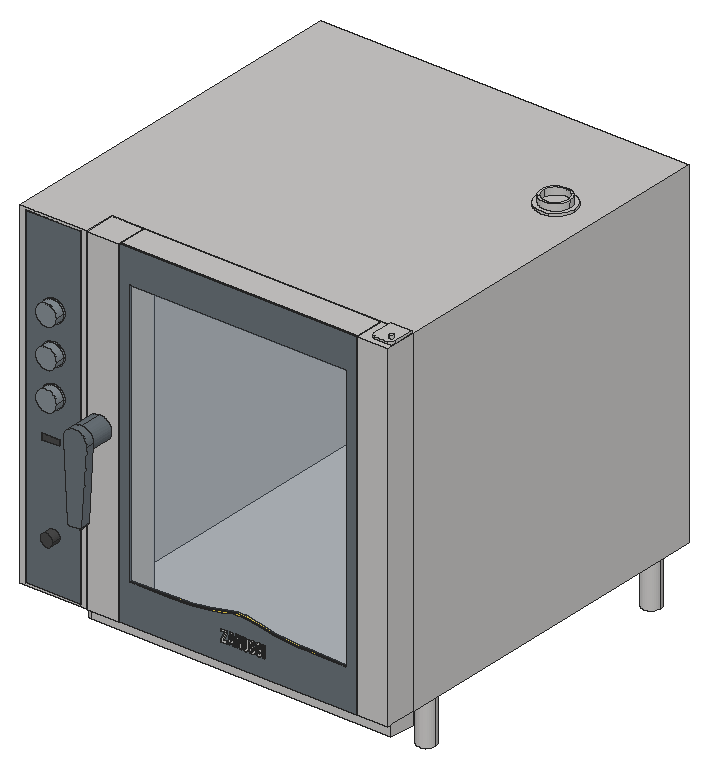
Revit family "QF_ZANUSSI_240485_ZFCE11CSES", category Specialty Equipment, Revit 2023 (continued)
Definition of nested family "ZAN_DOOR_CROSSWISE_H820"
  Automatic sketch dimensions
    plane 9 to Extrusion 14 sketch curve = 57.166 mm
    plane 16 to Extrusion 14 sketch curve = 93.896 mm
    Extrusion 14 sketch curve to Extrusion 14 sketch curve = 0.343 mm
    Extrusion 14 sketch curve to Extrusion 14 sketch curve = 0.346 mm
    Extrusion 14 sketch curve to Extrusion 14 sketch curve = 1.209 mm
    Extrusion 14 sketch curve to Extrusion 14 sketch curve = 5.816 mm  (x2)
    Extrusion 14 sketch curve to Extrusion 14 sketch curve = 5.779 mm
    Extrusion 14 sketch curve to Extrusion 14 sketch curve = 5.783 mm
    Extrusion 15 sketch curve to Extrusion 15 sketch curve = 0 mm  (x13)
    Extrusion 15 sketch curve to plane 9 = 0 mm
    plane 13 to Extrusion 15 sketch curve = 0 mm
    Extrusion 15 sketch curve to plane 4 "Top" = 59.547 mm  (x2)
    plane 8 to Extrusion 15 sketch curve = 0.808 mm  (x2)
    plane 17 to Extrusion 15 sketch curve = 113.011 mm  (x2)
    Extrusion 15 sketch curve to Extrusion 15 sketch curve = 0.173 mm  (x2)
    Extrusion 15 sketch curve to Extrusion 15 sketch curve = 19.857 mm  (x2)
    Extrusion 15 sketch curve to Extrusion 15 sketch curve = 19.97 mm  (x2)
    plane 16 to Extrusion 15 sketch curve = 75.313 mm  (x2)
    Extrusion 15 sketch curve to Extrusion 15 sketch curve = 0.426 mm  (x2)
    Extrusion 15 sketch curve to Extrusion 15 sketch curve = 2.497 mm  (x2)
    Extrusion 15 sketch curve to Extrusion 15 sketch curve = 2.422 mm  (x2)
    plane 16 to Extrusion 15 sketch curve = 72.277 mm  (x2)
    plane 5 "Feet" to Extrusion 15 sketch curve = 14.106 mm
    Extrusion 15 sketch curve to Extrusion 15 sketch curve = 14.485 mm
    Extrusion 15 sketch curve to Extrusion 15 sketch curve = 15.571 mm
    Extrusion 15 sketch curve to level = 90.354 mm
    plane 13 to Extrusion 15 sketch curve = 172.943 mm
    Extrusion 15 sketch curve to Extrusion 15 sketch curve = 250.632 mm
    plane 13 to Extrusion 15 sketch curve = 38.728 mm
    plane 13 to Extrusion 15 sketch curve = 66.611 mm
    Extrusion 15 sketch curve to Extrusion 15 sketch curve = 79.596 mm
    Extrusion 15 sketch curve to Extrusion 15 sketch curve = 14.39 mm
    Extrusion 15 sketch curve to Extrusion 15 sketch curve = 0.048 mm  (x2)
    plane 13 to Extrusion 15 sketch curve = 105.804 mm
    Extrusion 15 sketch curve to Extrusion 15 sketch curve = 1.078 mm  (x2)
    Extrusion 15 sketch curve to Extrusion 15 sketch curve = 1.817 mm
    Extrusion 15 sketch curve to Extrusion 15 sketch curve = 0.955 mm  (x2)
    Extrusion 15 sketch curve to Extrusion 15 sketch curve = 20.088 mm
    Extrusion 15 sketch curve to Extrusion 15 sketch curve = 0.061 mm  (x2)
    plane 13 to Extrusion 15 sketch curve = 221.698 mm
    Extrusion 15 sketch curve to Extrusion 15 sketch curve = 28.998 mm
    Extrusion 15 sketch curve to Extrusion 15 sketch curve = 2.06 mm
    Extrusion 15 sketch curve to Extrusion 15 sketch curve = 0.191 mm
    Extrusion 15 sketch curve to Extrusion 15 sketch curve = 0.669 mm
    Extrusion 15 sketch curve to Extrusion 15 sketch curve = 1.051 mm
    Extrusion 15 sketch curve to Extrusion 15 sketch curve = 5.17 mm
    Extrusion 15 sketch curve to Extrusion 15 sketch curve = 63.165 mm
    Extrusion 15 sketch curve to Extrusion 15 sketch curve = 160.676 mm
    plane 9 to Extrusion 15 sketch curve = 132.574 mm
    plane 9 to Extrusion 15 sketch curve = 126.275 mm
    Extrusion 15 sketch curve to Extrusion 15 sketch curve = 0.216 mm
    Extrusion 15 sketch curve to Extrusion 15 sketch curve = 20.101 mm
    Extrusion 15 sketch curve to Extrusion 15 sketch curve = 14.439 mm
    plane 9 to Extrusion 15 sketch curve = 85.049 mm
    plane 9 to Extrusion 15 sketch curve = 57.166 mm
    plane 16 to Extrusion 15 sketch curve = 93.896 mm
    Extrusion 15 sketch curve to Extrusion 15 sketch curve = 0.343 mm
    Extrusion 15 sketch curve to Extrusion 15 sketch curve = 0.346 mm
    Extrusion 15 sketch curve to Extrusion 15 sketch curve = 1.209 mm
    Extrusion 15 sketch curve to Extrusion 15 sketch curve = 2.747 mm
    Extrusion 15 sketch curve to Extrusion 15 sketch curve = 2.745 mm  (x2)
    Extrusion 15 sketch curve to Extrusion 15 sketch curve = 2.666 mm
    Extrusion 15 sketch curve to Extrusion 15 sketch curve = 2.667 mm
    Extrusion 15 sketch curve to Extrusion 15 sketch curve = 5.816 mm  (x2)
    Extrusion 15 sketch curve to Extrusion 15 sketch curve = 2.231 mm
    Extrusion 15 sketch curve to Extrusion 15 sketch curve = 5.779 mm
    Extrusion 15 sketch curve to Extrusion 15 sketch curve = 5.783 mm
    Extrusion 15 sketch curve to Extrusion 15 sketch curve = 2.602 mm
    Extrusion 15 sketch curve to Extrusion 15 sketch curve = 2.603 mm
    Extrusion 2 sketch curve to plane 4 "Top" = 0 mm
    Extrusion 2 sketch curve to plane 8 = 0 mm
    Extrusion 2 sketch curve to plane 9 = 0 mm
    Extrusion 2 sketch curve to plane 5 "Feet" = 0 mm
    plane 8 to Extrusion 2 sketch curve = 0.808 mm  (x2)
    plane 17 to Extrusion 2 sketch curve = 113.011 mm  (x2)
    Extrusion 2 sketch curve to Extrusion 2 sketch curve = 40 mm  (x2)
    plane 16 to Extrusion 2 sketch curve = 72.816 mm
    Extrusion 2 sketch curve to Extrusion 2 sketch curve = 0.351 mm  (x2)
    plane 16 to Extrusion 2 sketch curve = 72.277 mm
    Extrusion 2 sketch curve to Extrusion 2 sketch curve = 0.187 mm  (x2)
    plane 5 "Feet" to Extrusion 2 sketch curve = 51.274 mm
    Extrusion 2 sketch curve to Extrusion 2 sketch curve = 0 mm  (x5)
    Extrusion 2 sketch curve to Extrusion 2 sketch curve = 15.473 mm
    plane 9 to Extrusion 2 sketch curve = 191.381 mm
    Extrusion 2 sketch curve to level = 340.986 mm
    plane 15 to Extrusion 2 sketch curve = 0 mm
    plane 13 to Extrusion 2 sketch curve = 66.611 mm
    plane 13 to Extrusion 2 sketch curve = 79.596 mm
    Extrusion 2 sketch curve to Extrusion 2 sketch curve = 14.439 mm  (x2)
    plane 13 to Extrusion 2 sketch curve = 107.621 mm
    Extrusion 2 sketch curve to Extrusion 2 sketch curve = 0.216 mm  (x2)
    Extrusion 2 sketch curve to Extrusion 2 sketch curve = 20.101 mm  (x2)
    Extrusion 2 sketch curve to Extrusion 2 sketch curve = 160.676 mm
    Extrusion 2 sketch curve to Extrusion 2 sketch curve = 137.516 mm
    Extrusion 2 sketch curve to Extrusion 2 sketch curve = 1.285 mm
    Extrusion 2 sketch curve to Extrusion 2 sketch curve = 0.691 mm
    Extrusion 2 sketch curve to Extrusion 2 sketch curve = 3.257 mm
    plane 9 to Extrusion 2 sketch curve = 132.574 mm
    plane 9 to Extrusion 2 sketch curve = 126.275 mm
    plane 9 to Extrusion 2 sketch curve = 85.049 mm
    Extrusion 2 sketch curve to plane 14 = 0 mm
    plane 16 to Extrusion 2 sketch curve = 90.843 mm
    Extrusion 2 sketch curve to Extrusion 2 sketch curve = 0.408 mm
    Extrusion 2 sketch curve to Extrusion 2 sketch curve = 0.411 mm
    Extrusion 2 sketch curve to Extrusion 2 sketch curve = 0.755 mm
    Extrusion 2 sketch curve to Extrusion 2 sketch curve = 0.758 mm
    Extrusion 2 sketch curve to Extrusion 2 sketch curve = 5.38 mm
    Extrusion 2 sketch curve to Extrusion 2 sketch curve = 6.15 mm
    Extrusion 2 sketch curve to Extrusion 2 sketch curve = 6.154 mm
    plane 13 to Extrusion 2 sketch curve = 0 mm
    plane 17 to Extrusion 14 sketch curve = 112.838 mm  (x2)
    Extrusion 14 sketch curve to level = 90.354 mm
    Extrusion 14 sketch curve to plane 3 "Center (Left/Right)" = 205.804 mm
    Extrusion 14 sketch curve to plane 3 "Center (Left/Right)" = 321.698 mm
    Extrusion 14 sketch curve to Extrusion 14 sketch curve = 138.871 mm
    Extrusion 14 sketch curve to Extrusion 14 sketch curve = 63.165 mm
    Extrusion 8 sketch curve to plane 17 = 0 mm
    Extrusion 8 sketch curve to plane 18 = 0 mm
    plane 18 to Extrusion 8 sketch curve = 11.817 mm
    Extrusion 8 sketch curve to Extrusion 8 sketch curve = 4.988 mm
    Extrusion 8 sketch curve to plane 17 = 1.756 mm
    Extrusion 8 sketch curve to plane 12 = 19.055 mm
    Extrusion 8 sketch curve to plane 18 = 11.817 mm
    Extrusion 8 sketch curve to Extrusion 8 sketch curve = 4.99 mm
    Extrusion 8 sketch curve to Extrusion 8 sketch curve = 176.899 mm
    Extrusion 8 sketch curve to Extrusion 8 sketch curve = 0 mm
    Extrusion 8 sketch curve to Extrusion 8 sketch curve = 0.313 mm
    Extrusion 8 sketch curve to plane 11 = 0.013 mm
    plane 1 "Center (Front/Back)" to curve 5 = 0 mm
    curve 8 to plane 3 "Center (Left/Right)" = 0 mm
    curve 14 to plane 3 "Center (Left/Right)" = 2.67 mm
    curve 12 to plane 3 "Center (Left/Right)" = 12.67 mm
    curve 16 to curve 13 = 4.431 mm
    curve 15 to curve 11 = 10 mm
    curve 4 to plane 12 = 11.987 mm
    curve 3 to plane 11 = 0.013 mm
    curve 6 to plane 11 = 0.004 mm
    curve 3 to curve 2 = 74.533 mm
    curve 13 to curve 16 = 8.081 mm
    curve 10 to plane 10 = 0 mm
    plane 9 to curve 9 = 0 mm
    curve 3 to curve 1 = 20 mm
    Extrusion 13 sketch curve to plane 6 "Front" = 0 mm
    Extrusion 13 sketch curve to plane 3 "Center (Left/Right)" = 0 mm
    Extrusion 13 sketch curve to plane 3 "Center (Left/Right)" = 17.33 mm
    plane 6 "Front" to Extrusion 13 sketch curve = 22.83 mm
    plane 11 to Extrusion 13 sketch curve = 0.004 mm
    curve 15 to plane 10 = 22.33 mm
    curve 3 to plane 6 "Front" = 75 mm
    plane 6 "Front" to curve 12 = 15 mm
    curve 18 to plane 6 "Front" = 0 mm
    curve 18 to plane 3 "Center (Left/Right)" = 0 mm
    curve 18 to curve 13 = 4.66 mm
    curve 18 to curve 13 = 2.17 mm
    curve 17 to curve 7 = 672.575 mm
    plane 11 to curve 18 = 0.004 mm
    radius of Extrusion 9 sketch curve = 28 mm
    radius of Extrusion 11 sketch curve = 5 mm
    radius of curve 16 = 5 mm
